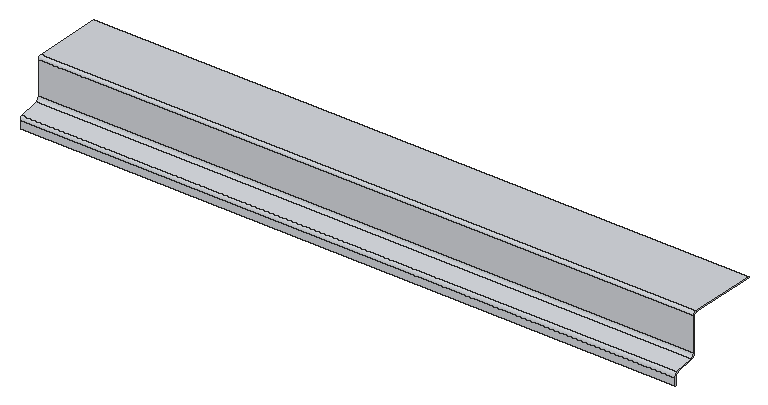
Revit family "АВЛН_Отлив", category Обобщенные модели, Revit 2019
Family settings
  Может служить основой для арматурных стержней = Нет
  Размер круглого соединителя = Использовать диаметр
  Тип детали = Нормальный
  На основе рабочей плоскости = Нет
  Всегда вертикально = Да
  При загрузке вырезать с полостями = Нет
  Общий = Нет
  Точка расчета площади = Нет
Parameters
  Длина [instance] = 900 mm
  ADSK_Наименование = ""
  ADSK_Материал = none
Reference planes
  plane 1 "По центру (Вперед/Назад)": y = 0
  plane 2: z = 0
  plane 3 "По центру (Влево/Вправо)": x = 0
  plane 4: x = 900
Forms (mm)
  Extrusion 1, solid
    sketch origin (1500, 1187.349, -749.52) x (0, -1, 0) y (0, 0, 1)
      loop
        line (1061.82, 827.664) -> (1151.766, 824.523)
        arc (1151.766, 824.523) -> (1154.072, 823.568) -> (1155.027, 821.261) r 3.262
        line (1155.027, 821.261) -> (1155.027, 776.029)
        arc (1155.027, 776.029) -> (1155.966, 772.652) -> (1158.512, 770.243) r 6.547
        line (1158.512, 770.243) -> (1182.769, 764.194)
        arc (1182.769, 764.194) -> (1185.351, 762.463) -> (1186.349, 759.52) r 4.843
        line (1186.349, 759.52) -> (1186.349, 749.52) -> (1187.349, 749.52) -> (1187.349, 759.52)
        arc (1187.349, 759.52) -> (1186.432, 762.644) -> (1183.973, 764.778) r 5.783
        line (1183.973, 764.778) -> (1159.716, 770.826)
        arc (1159.716, 770.826) -> (1157.043, 772.84) -> (1156.027, 776.029) r 5.514
        line (1156.027, 776.029) -> (1156.027, 821.261)
        arc (1156.027, 821.261) -> (1154.779, 824.275) -> (1151.766, 825.523) r 4.262
        line (1151.766, 825.523) -> (1061.82, 828.664) -> (1061.82, 827.664)
    from 600 to 1500
Dimensions and locks
  "Длина": plane 3 "По центру (Влево/Вправо)" to plane 4
  aligned and locked: level to plane 2
  aligned and locked: plane 4 to Extrusion 1
Automatic sketch dimensions
  Extrusion 1 sketch curve to Extrusion 1 sketch curve = 0 mm  (x4)
  Extrusion 1 sketch curve to level = 0 mm
  Extrusion 1 sketch curve to plane 1 "По центру (Вперед/Назад)" = 0 mm
  Extrusion 1 sketch curve to plane 1 "По центру (Вперед/Назад)" = 1 mm
  Extrusion 1 sketch curve to plane 1 "По центру (Вперед/Назад)" = 3.375 mm
  Extrusion 1 sketch curve to Extrusion 1 sketch curve = 1.204 mm  (x2)
  Extrusion 1 sketch curve to Extrusion 1 sketch curve = 4.783 mm
  Extrusion 1 sketch curve to Extrusion 1 sketch curve = 0.059 mm
  Extrusion 1 sketch curve to Extrusion 1 sketch curve = 21.195 mm
  Extrusion 1 sketch curve to Extrusion 1 sketch curve = 0.033 mm
  Extrusion 1 sketch curve to Extrusion 1 sketch curve = 1.826 mm
  Extrusion 1 sketch curve to Extrusion 1 sketch curve = 5.514 mm
  Extrusion 1 sketch curve to Extrusion 1 sketch curve = 1 mm  (x2)
  Extrusion 1 sketch curve to Extrusion 1 sketch curve = 3.262 mm
  Extrusion 1 sketch curve to Extrusion 1 sketch curve = 89.945 mm
  level to Extrusion 1 sketch curve = 10 mm
  level to Extrusion 1 sketch curve = 20.723 mm
  Extrusion 1 sketch curve to Extrusion 1 sketch curve = 0.583 mm
  Extrusion 1 sketch curve to Extrusion 1 sketch curve = 45.232 mm
  level to Extrusion 1 sketch curve = 78.144 mm
